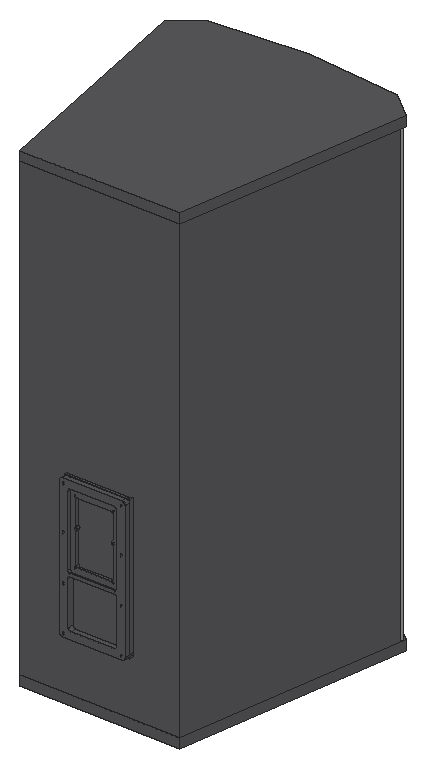
Revit family "EVC-1082-00", category Communication Devices, Revit 2017
Family settings
  Maintain Annotation Orientation = Yes
  Round Connector Dimension = Use Diameter
  Part Type = Normal
  OmniClass Number = 23.85.10.11.11.21
  OmniClass Title = Speakers
  Work Plane-Based = Yes
  Always vertical = Yes
  Cut with Voids When Loaded = No
  Shared = No
  Room Calculation Point = No
Parameters (values of type "EVC108200B_8"_Speaker_100x100_Black")
  Uniclass2015Code = "Pr_60_75_08_02"
  URL = ""
  ProductInformation = "https://www.electrovoice.com/binary/EVC-1082-00_8__speaker_100x100_Datasheet_51_en_27960168203.pdf"
  PlanningTools = "https://www.electrovoice.com/product.php?id=2668"
  ModelNumber = "F.01U.329.277"
  Model = ""
  MaterialRALColour = "RAL9004"
  ManufacturerURL = "https://www.electrovoice.com"
  Manufacturer = "Electro Voice"
  LoudspeakerMaterial = 13-plyWeather-resistantBirchEVCoat -RAL9004
  Default Elevation = 0.00 mm
  Width = 247.80 mm  # constant formula
  InstallationManual = "https://www.electrovoice.com/binary/EVC-1082-00_8__speaker_100x100_Datasheet_51_en_27960168203.pdf"
  IfcExportType = "IfcBuildingElementProxyType"
  IfcExportAs = "IfcBuildingElementProxy"
  Length = 492.20 mm  # constant formula
  GrillMaterial = 16GA Powder-coatedGalvanneal - B
  Disclaimer = "http://resource.boschsecurity.com/information/BIM/Disclaimer_Electrovoice.pdf"
  Description = "8-inch, two-way loudspeaker, with 100˚ x 100˚constant directivity, rotatable waveguide. Power rating: 200 W Continuous, (800 W Peak). Passive system: 91 dB, 120 dB maximum. Gland nut cover and stainless steel grille on PI versions. Optional high quality transformer and patented Automatic Saturation Control (ASC) preserve low end in 70V/100V lines."
  Depth = 276.70 mm  # constant formula
  CTN = "EVC108200B"
  ArchitectsAndEngineersSpecs = "https://www.electrovoice.com/binary/EVC-1082-00_8__speaker_100x100_Datasheet_51_en_27960168203.pdf"
Reference planes
  plane 1 "Center (Front/Back)": y = 0
  plane 2: z = 0
  plane 3 "Center (Left/Right)": x = 0
Forms (mm)
  Extrusion 1, solid, material "13-plyWeather-resistantBirchEVCoat -RAL9004" <- "LoudspeakerMaterial"
    sketch origin (0, 8.998, 0) x (1, 0, 0) y (0, 1, 0)
      loop
        line (-123.9, 237.7) -> (-81.987, 0) -> (81.987, 0) -> (123.9, 237.7) -> (97.088, 260.198)
        arc (97.088, 260.198) -> (0, 267.7) -> (-97.088, 260.198) r 631.958
        line (-97.088, 260.198) -> (-123.9, 237.7)
    from 0 to 10
  Extrusion 2, solid, material "13-plyWeather-resistantBirchEVCoat -RAL9004" <- "LoudspeakerMaterial"
    sketch origin (0, 8.998, 0) x (1, 0, 0) y (0, 1, 0)
      loop
        line (-81.987, 0) -> (81.987, 0) -> (122.794, 231.43) -> (-122.794, 231.43) -> (-81.987, 0)
    from 10 to 482.2
  Extrusion 3, solid, material "13-plyWeather-resistantBirchEVCoat -RAL9004" <- "LoudspeakerMaterial"
    sketch origin (0, 8.998, 482.2) x (0, -1, 0) y (1, 0, 0)
      loop
        line (-237.7, -123.9) -> (0, -81.987) -> (0, 81.987) -> (-237.7, 123.9) -> (-260.198, 97.088)
        arc (-260.198, 97.088) -> (-267.7, 0) -> (-260.198, -97.088) r 631.958
        line (-260.198, -97.088) -> (-237.7, -123.9)
    from 0 to 10
  Extrusion 4, solid, material "16GA Powder-coatedGalvanneal - B" <- "GrillMaterial"
    sketch origin (0, 8.998, 0) x (1, 0, 0) y (0, 1, 0)
      loop
        line (-120.256, 231.43) -> (-117.717, 231.43) -> (-118.475, 235.725) -> (-94.945, 255.469)
        arc (-94.945, 255.469) -> (0, 262.7) -> (94.945, 255.469) r 626.958
        line (94.945, 255.469) -> (118.475, 235.725) -> (117.717, 231.43) -> (120.256, 231.43) -> (121.187, 236.713) -> (96.016, 257.834)
        arc (96.016, 257.834) -> (0, 265.2) -> (-96.016, 257.834) r 629.458
        line (-96.016, 257.834) -> (-121.187, 236.713) -> (-120.256, 231.43)
    from 5 to 487.2
Dimensions and locks
  "Depth": nested 2 to Extrusion 3
  "Width": Extrusion 3 to Extrusion 3
  "Length": Extrusion 1 to Extrusion 3
  equal spacing: Extrusion 3, plane 3 "Center (Left/Right)", Extrusion 3, locked at 123.9 each
  aligned and locked: plane 2 to level
Automatic sketch dimensions
  Extrusion 1 sketch curve to plane 3 "Center (Left/Right)" = 0.00 mm
  Extrusion 1 sketch curve to plane 1 "Center (Front/Back)" = 8.998 mm
  Extrusion 1 sketch curve to plane 3 "Center (Left/Right)" = 81.987 mm
  Extrusion 1 sketch curve to plane 3 "Center (Left/Right)" = 97.088 mm
  Extrusion 1 sketch curve to Extrusion 1 sketch curve = 26.812 mm  (x2)
  plane 3 "Center (Left/Right)" to Extrusion 1 sketch curve = 81.987 mm
  plane 3 "Center (Left/Right)" to Extrusion 1 sketch curve = 97.088 mm
  plane 1 "Center (Front/Back)" to Extrusion 1 sketch curve = 355.261 mm
  Extrusion 1 sketch curve to Extrusion 1 sketch curve = 237.70 mm  (x2)
  Extrusion 1 sketch curve to Extrusion 1 sketch curve = 22.498 mm
  Extrusion 3 sketch curve to plane 3 "Center (Left/Right)" = 0.00 mm
  Extrusion 3 sketch curve to plane 1 "Center (Front/Back)" = 269.195 mm
  plane 3 "Center (Left/Right)" to Extrusion 3 sketch curve = 97.088 mm
  Extrusion 3 sketch curve to Extrusion 3 sketch curve = 0.00 mm
  Extrusion 3 sketch curve to Extrusion 3 sketch curve = 22.498 mm  (x2)
  Extrusion 3 sketch curve to plane 1 "Center (Front/Back)" = 8.998 mm
  plane 1 "Center (Front/Back)" to Extrusion 3 sketch curve = 355.261 mm
  Extrusion 3 sketch curve to Extrusion 3 sketch curve = 26.812 mm  (x2)
  Extrusion 3 sketch curve to plane 3 "Center (Left/Right)" = 81.987 mm
  plane 3 "Center (Left/Right)" to Extrusion 3 sketch curve = 81.987 mm
  Extrusion 4 sketch curve to Extrusion 4 sketch curve = 0.00 mm  (x3)
  Extrusion 4 sketch curve to plane 3 "Center (Left/Right)" = 0.00 mm
  Extrusion 4 sketch curve to plane 3 "Center (Left/Right)" = 94.945 mm
  Extrusion 4 sketch curve to Extrusion 4 sketch curve = 1.071 mm  (x2)
  Extrusion 4 sketch curve to Extrusion 4 sketch curve = 22.772 mm  (x2)
  Extrusion 4 sketch curve to Extrusion 4 sketch curve = 0.757 mm  (x2)
  Extrusion 4 sketch curve to Extrusion 4 sketch curve = 2.539 mm  (x2)
  Extrusion 4 sketch curve to Extrusion 4 sketch curve = 2.713 mm  (x2)
  plane 3 "Center (Left/Right)" to Extrusion 4 sketch curve = 94.945 mm
  plane 1 "Center (Front/Back)" to Extrusion 4 sketch curve = 355.261 mm
  Extrusion 4 sketch curve to plane 1 "Center (Front/Back)" = 240.427 mm
  Extrusion 4 sketch curve to Extrusion 4 sketch curve = 4.296 mm  (x2)
  Extrusion 4 sketch curve to Extrusion 4 sketch curve = 0.987 mm  (x2)
  Extrusion 4 sketch curve to Extrusion 4 sketch curve = 19.744 mm
  Extrusion 4 sketch curve to Extrusion 4 sketch curve = 2.365 mm
  Extrusion 2 sketch curve to plane 3 "Center (Left/Right)" = 122.794 mm
  Extrusion 2 sketch curve to plane 1 "Center (Front/Back)" = 8.998 mm
  Extrusion 2 sketch curve to plane 3 "Center (Left/Right)" = 81.987 mm
  plane 3 "Center (Left/Right)" to Extrusion 2 sketch curve = 81.987 mm
  Extrusion 2 sketch curve to Extrusion 2 sketch curve = 231.43 mm
  plane 3 "Center (Left/Right)" to Extrusion 2 sketch curve = 122.794 mm
Nested families
  nested 1: "L-EV" at (0, 274.197, 95) x (-1, 0, 0) z (0, 0, 1), type "L-EV"
  nested 2: "InputPanel_small" at (-33.614, 9.998, 140) x (0, 0, -1) z (1, 0, 0), LoudspeakerMaterial <- "LoudspeakerMaterial", type "InputPanel_small"
    with LoudspeakerMaterial 13-plyWeather-resistantBirchEVCoat -RAL9004
  nested 3: "2D_CabinetLoudspeaker" at (0, 0, 0) x (-1, 0, 0) z (0, 0, 1), type "LoudSpeaker"
    with Pan2D 0.00°
Connectors
  electrical at (-0.023, 2.498, 167.216)
    settings: on nested 2, index 1, voltage 0 V, apparent load 0 VA, apparent load phase1 0 VA, apparent load phase2 0 VA, apparent load phase3 0 VA, power factor 1, load classification "Other", number of poles 1, system type 31, power factor state 1, is connector primary yes, connector utility no, sub classification motor no, connector description ""
Definition of nested family "L-EV"
  Parameters (values of type "L-EV")
    Material = ""
    Default Elevation = 1219.20 mm
  Reference planes
    plane 1 "Center (Front/Back)": y = 0
    plane 2: z = 0
    plane 3 "Center (Left/Right)": x = 0
  Forms (mm)
    Extrusion 1, solid, not visible
      sketch origin (18.736, -0.5, -73.012) x (1, 0, 0) y (0, 0, 1)
        loop
          arc (-38.866, 94.012) -> (-39.481, 93.758) -> (-39.736, 93.143) r 0.869
          line (-39.736, 93.143) -> (-39.736, 52.882)
          arc (-39.736, 52.882) -> (-39.481, 52.267) -> (-38.866, 52.012) r 0.869
          line (-38.866, 52.012) -> (1.395, 52.012)
          arc (1.395, 52.012) -> (2.01, 52.267) -> (2.264, 52.882) r 0.869
          line (2.264, 52.882) -> (2.264, 93.143)
          arc (2.264, 93.143) -> (2.01, 93.758) -> (1.395, 94.012) r 0.869
          line (1.395, 94.012) -> (-38.866, 94.012)
      from 0 to -0.5
    Extrusion 2, solid, detail levels fine
      sketch origin (18.736, 4, -73.24) x (1, 0, 0) y (0, 0, 1)
        loop
          line (-37.736, 92.24) -> (-37.736, 54.24) -> (0.264, 54.24) -> (0.264, 92.24) -> (-37.736, 92.24)
        loop
          line (-33.659, 85.319) -> (-33.659, 66.596) -> (-21.783, 66.596) -> (-21.783, 70.665) -> (-29.2, 70.665) -> (-29.2, 73.924) -> (-21.783, 73.924) -> (-21.783, 77.992) -> (-29.2, 77.992) -> (-29.2, 81.251) -> (-21.783, 81.251) -> (-21.783, 85.319) -> (-33.659, 85.319)
        loop
          line (-20.026, 77.992) -> (-20.026, 73.924) -> (-17.153, 73.924) -> (-17.153, 59.688) -> (-12.74, 59.688) -> (-2.619, 82.277) -> (-7.421, 82.277) -> (-12.694, 70.408) -> (-12.694, 77.992) -> (-20.026, 77.992)
      from 4.5 to 5
    Extrusion 3, solid, detail levels medium+fine
      sketch origin (0, 0, 0) x (1, 0, 0) y (0, 0, 1)
        loop
          line (19.816, 21) -> (-19.816, 21)
          arc (-19.816, 21) -> (-20.653, 20.653) -> (-21, 19.816) r 1.184
          line (-21, 19.816) -> (-21, -19.816)
          arc (-21, -19.816) -> (-20.653, -20.653) -> (-19.816, -21) r 1.184
          line (-19.816, -21) -> (19.816, -21)
          arc (19.816, -21) -> (20.653, -20.653) -> (21, -19.816) r 1.184
          line (21, -19.816) -> (21, 19.816)
          arc (21, 19.816) -> (20.653, 20.653) -> (19.816, 21) r 1.184
      from -1 to 0.5
Definition of nested family "InputPanel_small"
  Parameters (values of type "InputPanel_small")
    Material = ""
    LoudspeakerMaterial [instance] = none
    Default Elevation = 1219.20 mm
  Reference planes
    plane 1 "Center (Front/Back)": y = 0
    plane 2: z = 0
    plane 3 "Center (Left/Right)": x = 0
  Forms (mm)
    Extrusion 1, solid, material <- "LoudspeakerMaterial", not visible
      sketch origin (-97.521, -0.5, 198.121) x (-1, 0, 0) y (0, 0, -1)
        loop
          arc (-169.642, 198.043) -> (-170.257, 197.789) -> (-170.511, 197.174) r 0.869
          line (-170.511, 197.174) -> (-170.511, 131.84)
          arc (-170.511, 131.84) -> (-170.257, 131.226) -> (-169.642, 130.971) r 0.869
          line (-169.642, 130.971) -> (-25.396, 130.971)
          arc (-25.396, 130.971) -> (-24.782, 131.226) -> (-24.527, 131.84) r 0.869
          line (-24.527, 131.84) -> (-24.527, 197.174)
          arc (-24.527, 197.174) -> (-24.782, 197.789) -> (-25.396, 198.043) r 0.869
          line (-25.396, 198.043) -> (-169.642, 198.043)
      from 0 to -0.5
    Extrusion 2, solid, material <- "LoudspeakerMaterial", detail levels medium+fine
      sketch origin (1.214, 0, 125.108) x (-1, 0, 0) y (0, 0, -1)
        loop
          line (70.917, 125.031) -> (-68.488, 125.031)
          arc (-68.488, 125.031) -> (-70.813, 124.068) -> (-71.776, 121.743) r 3.288
          line (-71.776, 121.743) -> (-71.776, 61.229)
          arc (-71.776, 61.229) -> (-70.921, 59.026) -> (-68.815, 57.959) r 3.288
          line (-68.815, 57.959) -> (70.925, 57.959)
          arc (70.925, 57.959) -> (73.25, 58.922) -> (74.212, 61.247) r 3.288
          line (74.212, 61.247) -> (74.205, 121.743)
          arc (74.205, 121.743) -> (73.242, 124.068) -> (70.917, 125.031) r 3.288
        loop
          line (-16.102, 116.673) -> (-61.46, 116.673)
          arc (-61.46, 116.673) -> (-63.304, 115.909) -> (-64.067, 114.066) r 2.607
          line (-64.067, 114.066) -> (-64.067, 69.267)
          arc (-64.067, 69.267) -> (-63.304, 67.424) -> (-61.46, 66.66) r 2.607
          line (-61.46, 66.66) -> (-16.102, 66.658)
          arc (-16.102, 66.658) -> (-14.259, 67.424) -> (-13.495, 69.267) r 2.607
          line (-13.495, 69.267) -> (-13.495, 114.066)
          arc (-13.495, 114.066) -> (-14.259, 115.909) -> (-16.102, 116.673) r 2.607
        loop
          line (64.151, 116.673) -> (-8.801, 116.673)
          arc (-8.801, 116.673) -> (-10.645, 115.909) -> (-11.408, 114.066) r 2.607
          line (-11.408, 114.066) -> (-11.408, 69.267)
          arc (-11.408, 69.267) -> (-10.645, 67.424) -> (-8.801, 66.66) r 2.607
          line (-8.801, 66.66) -> (64.151, 66.658)
          arc (64.151, 66.658) -> (65.994, 67.424) -> (66.758, 69.267) r 2.607
          line (66.758, 69.267) -> (66.758, 114.066)
          arc (66.758, 114.066) -> (65.994, 115.909) -> (64.151, 116.673) r 2.607
        loop
          circle (-67.83, 121.068) r 1.368
        loop
          circle (-21.853, 121.068) r 1.368
        loop
          circle (24.255, 121.068) r 1.368
        loop
          circle (69.993, 121.068) r 1.368
        loop
          circle (-67.961, 61.771) r 1.368
        loop
          circle (-21.984, 61.771) r 1.368
        loop
          circle (24.124, 61.771) r 1.368
        loop
          circle (69.862, 61.771) r 1.368
      from 0 to 10
    Extrusion 3, solid, material <- "LoudspeakerMaterial", detail levels fine
      sketch origin (25.655, 0, 118.331) x (-1, 0, 0) y (0, 0, -1)
        loop
          arc (15.45, 109.952) -> (13.605, 109.187) -> (12.84, 107.342) r 2.61
          line (12.84, 107.342) -> (12.84, 62.493)
          arc (12.84, 62.493) -> (13.606, 60.646) -> (15.45, 59.881) r 2.61
          line (15.45, 59.881) -> (88.485, 59.883)
          arc (88.485, 59.883) -> (90.33, 60.647) -> (91.094, 62.493) r 2.61
          line (91.094, 62.493) -> (91.094, 107.342)
          arc (91.094, 107.342) -> (90.33, 109.187) -> (88.485, 109.952) r 2.61
          line (88.485, 109.952) -> (15.45, 109.952)
        loop
          line (53.049, 104.094) -> (20.673, 104.09)
          arc (20.673, 104.09) -> (20.25, 103.216) -> (19.475, 102.633) r 2.061
          line (19.475, 102.633) -> (19.479, 66.839)
          arc (19.479, 66.839) -> (20.255, 66.255) -> (20.677, 65.382) r 2.061
          line (20.677, 65.382) -> (53.053, 65.386)
          arc (53.053, 65.386) -> (55.067, 67.012) -> (57.082, 65.386) r 2.061
          line (57.082, 65.386) -> (82.875, 65.389)
          arc (82.875, 65.389) -> (83.297, 66.263) -> (84.073, 66.847) r 2.061
          line (84.073, 66.847) -> (84.068, 102.641)
          arc (84.068, 102.641) -> (83.293, 103.224) -> (82.87, 104.098) r 2.061
          line (82.87, 104.098) -> (57.077, 104.095)
          arc (57.077, 104.095) -> (55.063, 102.469) -> (53.049, 104.094) r 2.061
        loop
          circle (55.063, 104.529) r 0.832
        loop
          circle (55.063, 64.893) r 0.832
        loop
          circle (84.767, 104.529) r 0.832
        loop
          circle (84.767, 64.893) r 0.832
        loop
          circle (18.835, 104.529) r 0.832
        loop
          circle (18.835, 64.893) r 0.832
      from 7.5 to 5
    Extrusion 4, solid, material <- "LoudspeakerMaterial"
      sketch origin (1.214, 0, 125.108) x (-1, 0, 0) y (0, 0, -1)
        loop
          line (-71.776, 125.031) -> (-71.776, 57.959) -> (74.213, 57.959) -> (74.205, 125.031) -> (-71.776, 125.031)
      from 0 to 4.337
  Lines and regions (mm)
    model lines, not visible
      curve 1: arc (59.415, -9.5, 70.232) -> (59.756, -9.5, 68.636) -> (60.858, -9.5, 67.432) r 3.109
      curve 2: arc (59.414, -9.5, 82.845) -> (59.754, -9.5, 81.249) -> (60.857, -9.5, 80.045) r 3.109
      curve 3: arc (59.417, -9.5, 63.926) -> (59.752, -9.5, 62.34) -> (60.84, -9.5, 61.139) r 3.108
      curve 4: arc (59.415, -9.5, 76.539) -> (59.75, -9.5, 74.953) -> (60.838, -9.5, 73.752) r 3.108
      curve 5: arc (60.711, -9.5, 72.945) -> (59.72, -9.5, 71.753) -> (59.414, -9.5, 70.232) r 3.166
      curve 6: arc (60.71, -9.5, 85.557) -> (59.718, -9.5, 84.365) -> (59.412, -9.5, 82.845) r 3.166
      curve 7: arc (60.712, -9.5, 66.637) -> (59.721, -9.5, 65.445) -> (59.415, -9.5, 63.926) r 3.165
      curve 8: arc (60.71, -9.5, 79.25) -> (59.72, -9.5, 78.058) -> (59.414, -9.5, 76.539) r 3.165
      curve 9: arc (59.062, -9.5, 76.539) -> (58.721, -9.5, 78.135) -> (57.618, -9.5, 79.339) r 3.109
      curve 10: arc (59.063, -9.5, 63.926) -> (58.723, -9.5, 65.522) -> (57.62, -9.5, 66.726) r 3.109
      curve 11: arc (59.06, -9.5, 82.845) -> (58.725, -9.5, 84.431) -> (57.637, -9.5, 85.632) r 3.108
      curve 12: arc (59.062, -9.5, 70.232) -> (58.726, -9.5, 71.818) -> (57.638, -9.5, 73.019) r 3.108
      curve 13: arc (57.765, -9.5, 73.826) -> (58.757, -9.5, 75.018) -> (59.063, -9.5, 76.539) r 3.166
      curve 14: arc (57.767, -9.5, 61.214) -> (58.758, -9.5, 62.406) -> (59.065, -9.5, 63.926) r 3.166
      curve 15: arc (57.765, -9.5, 80.134) -> (58.756, -9.5, 81.326) -> (59.062, -9.5, 82.845) r 3.165
      curve 16: arc (57.767, -9.5, 67.521) -> (58.757, -9.5, 68.713) -> (59.063, -9.5, 70.232) r 3.165
      curve 17: arc (62.678, -9.5, 67.687) -> (63.752, -9.5, 68.757) -> (64.103, -9.5, 70.233) r 2.775
      curve 18: arc (63.369, -9.5, 67.367) -> (64.444, -9.5, 68.62) -> (64.794, -9.5, 70.233) r 3.371
      curve 19: arc (62.678, -9.5, 67.687) -> (62.999, -9.5, 67.474) -> (63.369, -9.5, 67.367) r 1.273
      curve 20: arc (62.676, -9.5, 80.299) -> (63.75, -9.5, 81.37) -> (64.101, -9.5, 82.846) r 2.775
      curve 21: arc (63.368, -9.5, 79.98) -> (64.442, -9.5, 81.233) -> (64.793, -9.5, 82.846) r 3.371
      curve 22: arc (62.676, -9.5, 80.299) -> (62.998, -9.5, 80.087) -> (63.368, -9.5, 79.98) r 1.273
      curve 23: arc (62.679, -9.5, 61.381) -> (63.752, -9.5, 62.452) -> (64.103, -9.5, 63.927) r 2.774
      curve 24: arc (63.37, -9.5, 61.062) -> (64.444, -9.5, 62.315) -> (64.794, -9.5, 63.927) r 3.37
      curve 25: arc (62.679, -9.5, 61.381) -> (63, -9.5, 61.169) -> (63.37, -9.5, 61.062) r 1.273
      curve 26: arc (62.677, -9.5, 73.994) -> (63.751, -9.5, 75.064) -> (64.101, -9.5, 76.539) r 2.774
      curve 27: arc (63.369, -9.5, 73.675) -> (64.442, -9.5, 74.927) -> (64.793, -9.5, 76.539) r 3.37
      curve 28: arc (62.677, -9.5, 73.994) -> (62.998, -9.5, 73.781) -> (63.369, -9.5, 73.675) r 1.273
      curve 29: arc (64.103, -9.5, 70.233) -> (63.752, -9.5, 71.708) -> (62.677, -9.5, 72.779) r 2.775
      curve 30: arc (63.369, -9.5, 73.098) -> (62.999, -9.5, 72.992) -> (62.677, -9.5, 72.779) r 1.273
      curve 31: arc (64.794, -9.5, 70.233) -> (64.443, -9.5, 71.846) -> (63.369, -9.5, 73.098) r 3.371
      curve 32: arc (64.101, -9.5, 82.846) -> (63.75, -9.5, 84.321) -> (62.676, -9.5, 85.392) r 2.775
      curve 33: arc (63.367, -9.5, 85.711) -> (62.997, -9.5, 85.604) -> (62.676, -9.5, 85.392) r 1.273
      curve 34: arc (64.793, -9.5, 82.846) -> (64.442, -9.5, 84.458) -> (63.367, -9.5, 85.711) r 3.371
      curve 35: arc (64.103, -9.5, 63.927) -> (63.752, -9.5, 65.401) -> (62.678, -9.5, 66.472) r 2.774
      curve 36: arc (63.37, -9.5, 66.791) -> (62.999, -9.5, 66.684) -> (62.678, -9.5, 66.472) r 1.273
      curve 37: arc (64.794, -9.5, 63.927) -> (64.444, -9.5, 65.539) -> (63.37, -9.5, 66.791) r 3.37
      curve 38: arc (64.101, -9.5, 76.539) -> (63.75, -9.5, 78.014) -> (62.676, -9.5, 79.084) r 2.774
      curve 39: arc (63.368, -9.5, 79.404) -> (62.998, -9.5, 79.297) -> (62.676, -9.5, 79.084) r 1.273
      curve 40: arc (64.793, -9.5, 76.539) -> (64.442, -9.5, 78.151) -> (63.368, -9.5, 79.404) r 3.37
      curve 41: arc (59.627, -9.5, 63.926) -> (59.978, -9.5, 62.451) -> (61.052, -9.5, 61.381) r 2.774
      curve 42: arc (61.051, -9.5, 66.471) -> (59.977, -9.5, 65.401) -> (59.627, -9.5, 63.926) r 2.774
      curve 43: arc (59.625, -9.5, 70.232) -> (59.976, -9.5, 68.757) -> (61.051, -9.5, 67.686) r 2.775
      curve 44: arc (61.05, -9.5, 72.779) -> (59.976, -9.5, 71.708) -> (59.625, -9.5, 70.232) r 2.775
      curve 45: arc (59.625, -9.5, 76.539) -> (59.976, -9.5, 75.064) -> (61.05, -9.5, 73.994) r 2.774
      curve 46: arc (61.049, -9.5, 79.084) -> (59.976, -9.5, 78.014) -> (59.625, -9.5, 76.539) r 2.774
      curve 47: arc (59.624, -9.5, 82.845) -> (59.975, -9.5, 81.37) -> (61.049, -9.5, 80.299) r 2.775
      curve 48: arc (61.049, -9.5, 85.391) -> (59.975, -9.5, 84.321) -> (59.624, -9.5, 82.845) r 2.775
      curve 49: arc (65.487, -9.5, 67.368) -> (66.537, -9.5, 68.57) -> (66.91, -9.5, 70.123) r 3.348
      curve 50: arc (65.485, -9.5, 79.98) -> (66.535, -9.5, 81.183) -> (66.909, -9.5, 82.735) r 3.348
      curve 51: arc (66.91, -9.5, 70.344) -> (66.536, -9.5, 71.896) -> (65.486, -9.5, 73.099) r 3.348
      curve 52: arc (66.909, -9.5, 82.956) -> (66.535, -9.5, 84.509) -> (65.485, -9.5, 85.711) r 3.348
      curve 53: arc (65.488, -9.5, 61.062) -> (66.543, -9.5, 62.278) -> (66.911, -9.5, 63.846) r 3.353
      curve 54: arc (65.486, -9.5, 73.675) -> (66.542, -9.5, 74.891) -> (66.909, -9.5, 76.458) r 3.353
      curve 55: arc (66.911, -9.5, 64.008) -> (66.543, -9.5, 65.576) -> (65.487, -9.5, 66.791) r 3.353
      curve 56: arc (66.909, -9.5, 76.621) -> (66.542, -9.5, 78.189) -> (65.485, -9.5, 79.404) r 3.353
      curve 57: arc (61.368, -9.5, 70.233) -> (61.701, -9.5, 68.86) -> (62.728, -9.5, 67.892) r 2.482
      curve 58: arc (61.369, -9.5, 63.926) -> (61.702, -9.5, 62.554) -> (62.729, -9.5, 61.585) r 2.482
      curve 59: arc (61.777, -9.5, 65.419) -> (61.47, -9.5, 64.701) -> (61.369, -9.5, 63.926) r 2.857
      curve 60: arc (62.453, -9.5, 65.577) -> (62.398, -9.5, 65.499) -> (62.347, -9.5, 65.419) r 2.446
      curve 61: arc (61.777, -9.5, 71.725) -> (61.469, -9.5, 71.007) -> (61.368, -9.5, 70.233) r 2.857
      curve 62: arc (62.452, -9.5, 71.883) -> (62.398, -9.5, 71.805) -> (62.346, -9.5, 71.725) r 2.446
      curve 63: arc (61.367, -9.5, 76.539) -> (61.7, -9.5, 75.167) -> (62.727, -9.5, 74.198) r 2.482
      curve 64: arc (61.367, -9.5, 82.845) -> (61.699, -9.5, 81.473) -> (62.727, -9.5, 80.504) r 2.482
      curve 65: arc (61.776, -9.5, 78.031) -> (61.469, -9.5, 77.313) -> (61.367, -9.5, 76.539) r 2.857
      curve 66: arc (62.452, -9.5, 78.19) -> (62.397, -9.5, 78.112) -> (62.345, -9.5, 78.032) r 2.446
      curve 67: arc (61.775, -9.5, 84.338) -> (61.468, -9.5, 83.62) -> (61.367, -9.5, 82.845) r 2.857
      curve 68: arc (62.451, -9.5, 84.496) -> (62.396, -9.5, 84.418) -> (62.345, -9.5, 84.338) r 2.446
      curve 69: arc (55.799, -9.5, 79.084) -> (54.725, -9.5, 78.014) -> (54.374, -9.5, 76.538) r 2.775
      curve 70: arc (55.107, -9.5, 79.404) -> (54.033, -9.5, 78.151) -> (53.682, -9.5, 76.538) r 3.371
      curve 71: arc (55.799, -9.5, 79.084) -> (55.478, -9.5, 79.297) -> (55.107, -9.5, 79.404) r 1.273
      curve 72: arc (55.8, -9.5, 66.472) -> (54.726, -9.5, 65.401) -> (54.376, -9.5, 63.925) r 2.775
      curve 73: arc (55.109, -9.5, 66.791) -> (54.035, -9.5, 65.538) -> (53.684, -9.5, 63.925) r 3.371
      curve 74: arc (55.8, -9.5, 66.472) -> (55.479, -9.5, 66.684) -> (55.109, -9.5, 66.791) r 1.273
      curve 75: arc (55.798, -9.5, 85.39) -> (54.725, -9.5, 84.319) -> (54.374, -9.5, 82.844) r 2.774
      curve 76: arc (55.107, -9.5, 85.709) -> (54.033, -9.5, 84.456) -> (53.682, -9.5, 82.844) r 3.37
      curve 77: arc (55.798, -9.5, 85.39) -> (55.477, -9.5, 85.602) -> (55.107, -9.5, 85.709) r 1.273
      curve 78: arc (55.8, -9.5, 72.777) -> (54.726, -9.5, 71.707) -> (54.376, -9.5, 70.232) r 2.774
      curve 79: arc (55.108, -9.5, 73.096) -> (54.034, -9.5, 71.844) -> (53.684, -9.5, 70.232) r 3.37
      curve 80: arc (55.8, -9.5, 72.777) -> (55.478, -9.5, 72.99) -> (55.108, -9.5, 73.096) r 1.273
      curve 81: arc (54.374, -9.5, 76.538) -> (54.725, -9.5, 75.063) -> (55.8, -9.5, 73.992) r 2.775
      curve 82: arc (55.108, -9.5, 73.673) -> (55.478, -9.5, 73.779) -> (55.8, -9.5, 73.992) r 1.273
      curve 83: arc (53.682, -9.5, 76.538) -> (54.033, -9.5, 74.925) -> (55.108, -9.5, 73.673) r 3.371
      curve 84: arc (54.376, -9.5, 63.925) -> (54.727, -9.5, 62.45) -> (55.801, -9.5, 61.379) r 2.775
      curve 85: arc (55.11, -9.5, 61.06) -> (55.48, -9.5, 61.167) -> (55.801, -9.5, 61.379) r 1.273
      curve 86: arc (53.684, -9.5, 63.925) -> (54.035, -9.5, 62.313) -> (55.11, -9.5, 61.06) r 3.371
      curve 87: arc (54.374, -9.5, 82.844) -> (54.725, -9.5, 81.369) -> (55.799, -9.5, 80.299) r 2.774
      curve 88: arc (55.107, -9.5, 79.98) -> (55.477, -9.5, 80.087) -> (55.799, -9.5, 80.299) r 1.273
      curve 89: arc (53.682, -9.5, 82.844) -> (54.033, -9.5, 81.232) -> (55.107, -9.5, 79.98) r 3.37
      curve 90: arc (54.376, -9.5, 70.232) -> (54.726, -9.5, 68.757) -> (55.8, -9.5, 67.687) r 2.774
      curve 91: arc (55.109, -9.5, 67.367) -> (55.479, -9.5, 67.474) -> (55.8, -9.5, 67.687) r 1.273
      curve 92: arc (53.684, -9.5, 70.232) -> (54.035, -9.5, 68.62) -> (55.109, -9.5, 67.367) r 3.37
      curve 93: arc (58.85, -9.5, 82.845) -> (58.499, -9.5, 84.32) -> (57.425, -9.5, 85.39) r 2.774
      curve 94: arc (57.426, -9.5, 80.3) -> (58.499, -9.5, 81.37) -> (58.85, -9.5, 82.845) r 2.774
      curve 95: arc (58.851, -9.5, 76.539) -> (58.5, -9.5, 78.014) -> (57.426, -9.5, 79.085) r 2.775
      curve 96: arc (57.427, -9.5, 73.992) -> (58.501, -9.5, 75.063) -> (58.851, -9.5, 76.539) r 2.775
      curve 97: arc (58.852, -9.5, 70.232) -> (58.501, -9.5, 71.707) -> (57.427, -9.5, 72.777) r 2.774
      curve 98: arc (57.427, -9.5, 67.687) -> (58.501, -9.5, 68.757) -> (58.852, -9.5, 70.232) r 2.774
      curve 99: arc (58.853, -9.5, 63.926) -> (58.502, -9.5, 65.401) -> (57.428, -9.5, 66.472) r 2.775
      curve 100: arc (57.428, -9.5, 61.38) -> (58.502, -9.5, 62.45) -> (58.853, -9.5, 63.926) r 2.775
      curve 101: arc (52.99, -9.5, 79.403) -> (51.94, -9.5, 78.2) -> (51.567, -9.5, 76.648) r 3.348
      curve 102: arc (52.991, -9.5, 66.791) -> (51.942, -9.5, 65.588) -> (51.568, -9.5, 64.036) r 3.348
      curve 103: arc (51.567, -9.5, 76.427) -> (51.94, -9.5, 74.875) -> (52.991, -9.5, 73.672) r 3.348
      curve 104: arc (51.568, -9.5, 63.815) -> (51.942, -9.5, 62.262) -> (52.992, -9.5, 61.06) r 3.348
      curve 105: arc (52.989, -9.5, 85.709) -> (51.933, -9.5, 84.493) -> (51.566, -9.5, 82.925) r 3.353
      curve 106: arc (52.991, -9.5, 73.096) -> (51.935, -9.5, 71.88) -> (51.567, -9.5, 70.313) r 3.353
      curve 107: arc (51.566, -9.5, 82.763) -> (51.934, -9.5, 81.195) -> (52.99, -9.5, 79.98) r 3.353
      curve 108: arc (51.567, -9.5, 70.15) -> (51.935, -9.5, 68.582) -> (52.991, -9.5, 67.367) r 3.353
      curve 109: arc (57.108, -9.5, 82.845) -> (56.775, -9.5, 84.217) -> (55.748, -9.5, 85.186) r 2.482
      curve 110: arc (57.109, -9.5, 76.538) -> (56.776, -9.5, 77.911) -> (55.749, -9.5, 78.879) r 2.482
      curve 111: arc (56.7, -9.5, 75.046) -> (57.007, -9.5, 75.764) -> (57.109, -9.5, 76.538) r 2.857
      curve 112: arc (56.024, -9.5, 74.888) -> (56.079, -9.5, 74.966) -> (56.131, -9.5, 75.046) r 2.446
      curve 113: arc (56.699, -9.5, 81.352) -> (57.007, -9.5, 82.07) -> (57.108, -9.5, 82.845) r 2.857
      curve 114: arc (56.024, -9.5, 81.194) -> (56.078, -9.5, 81.272) -> (56.13, -9.5, 81.352) r 2.446
      curve 115: arc (57.109, -9.5, 70.232) -> (56.777, -9.5, 71.604) -> (55.749, -9.5, 72.573) r 2.482
      curve 116: arc (57.11, -9.5, 63.926) -> (56.777, -9.5, 65.298) -> (55.75, -9.5, 66.267) r 2.482
      curve 117: arc (56.702, -9.5, 62.433) -> (57.009, -9.5, 63.151) -> (57.11, -9.5, 63.926) r 2.857
      curve 118: arc (56.026, -9.5, 62.275) -> (56.081, -9.5, 62.353) -> (56.132, -9.5, 62.433) r 2.446
      curve 119: arc (56.701, -9.5, 68.739) -> (57.008, -9.5, 69.458) -> (57.109, -9.5, 70.232) r 2.857
      curve 120: arc (56.025, -9.5, 68.581) -> (56.08, -9.5, 68.659) -> (56.131, -9.5, 68.739) r 2.446
      curve 121: spline (77.962, -9.5, 59.963) -> (78.093, -9.5, 59.972) -> (78.223, -9.5, 59.998) -> (78.348, -9.5, 60.04) -> (78.466, -9.5, 60.099) -> (78.576, -9.5, 60.172) -> (78.675, -9.5, 60.259) -> (78.762, -9.5, 60.358) -> (78.835, -9.5, 60.468) -> (78.894, -9.5, 60.586) -> (78.936, -9.5, 60.711) -> (78.962, -9.5, 60.841) -> (78.97, -9.5, 60.972)
      curve 122: spline (78.967, -9.5, 85.803) -> (78.959, -9.5, 85.935) -> (78.933, -9.5, 86.065) -> (78.891, -9.5, 86.19) -> (78.832, -9.5, 86.308) -> (78.759, -9.5, 86.418) -> (78.672, -9.5, 86.517) -> (78.573, -9.5, 86.604) -> (78.463, -9.5, 86.677) -> (78.344, -9.5, 86.735) -> (78.22, -9.5, 86.778) -> (78.09, -9.5, 86.804) -> (77.958, -9.5, 86.812)
      curve 123: spline (40.515, -9.5, 86.808) -> (40.383, -9.5, 86.799) -> (40.254, -9.5, 86.773) -> (40.129, -9.5, 86.731) -> (40.01, -9.5, 86.672) -> (39.901, -9.5, 86.599) -> (39.801, -9.5, 86.512) -> (39.714, -9.5, 86.413) -> (39.641, -9.5, 86.303) -> (39.583, -9.5, 86.185) -> (39.54, -9.5, 86.06) -> (39.515, -9.5, 85.93) -> (39.506, -9.5, 85.799)
      curve 124: spline (39.509, -9.5, 60.97) -> (39.517, -9.5, 60.838) -> (39.543, -9.5, 60.708) -> (39.585, -9.5, 60.583) -> (39.643, -9.5, 60.464) -> (39.717, -9.5, 60.354) -> (39.804, -9.5, 60.255) -> (39.903, -9.5, 60.168) -> (40.013, -9.5, 60.094) -> (40.131, -9.5, 60.036) -> (40.256, -9.5, 59.993) -> (40.386, -9.5, 59.967) -> (40.518, -9.5, 59.959)
      curve 125: spline (40.57, -9.5, 86.753) -> (40.438, -9.5, 86.744) -> (40.309, -9.5, 86.718) -> (40.184, -9.5, 86.676) -> (40.065, -9.5, 86.617) -> (39.956, -9.5, 86.544) -> (39.856, -9.5, 86.457) -> (39.769, -9.5, 86.358) -> (39.696, -9.5, 86.248) -> (39.638, -9.5, 86.13) -> (39.595, -9.5, 86.005) -> (39.57, -9.5, 85.875) -> (39.561, -9.5, 85.744)
      curve 126: spline (39.564, -9.5, 61.023) -> (39.573, -9.5, 60.891) -> (39.598, -9.5, 60.761) -> (39.641, -9.5, 60.636) -> (39.699, -9.5, 60.518) -> (39.773, -9.5, 60.408) -> (39.86, -9.5, 60.309) -> (39.959, -9.5, 60.222) -> (40.069, -9.5, 60.149) -> (40.187, -9.5, 60.091) -> (40.312, -9.5, 60.048) -> (40.441, -9.5, 60.022) -> (40.573, -9.5, 60.014)
      curve 127: spline (78.912, -9.5, 85.748) -> (78.904, -9.5, 85.88) -> (78.878, -9.5, 86.01) -> (78.835, -9.5, 86.134) -> (78.777, -9.5, 86.253) -> (78.704, -9.5, 86.363) -> (78.617, -9.5, 86.462) -> (78.518, -9.5, 86.549) -> (78.408, -9.5, 86.622) -> (78.289, -9.5, 86.68) -> (78.164, -9.5, 86.723) -> (78.035, -9.5, 86.749) -> (77.903, -9.5, 86.757)
      curve 128: spline (77.907, -9.5, 60.018) -> (78.038, -9.5, 60.027) -> (78.168, -9.5, 60.053) -> (78.293, -9.5, 60.095) -> (78.411, -9.5, 60.154) -> (78.521, -9.5, 60.227) -> (78.62, -9.5, 60.314) -> (78.707, -9.5, 60.413) -> (78.78, -9.5, 60.523) -> (78.839, -9.5, 60.641) -> (78.881, -9.5, 60.766) -> (78.907, -9.5, 60.896) -> (78.915, -9.5, 61.027)
      curve 129: line (63.979, -9.5, 70.233) -> (63.818, -9.5, 71.221)
      curve 130: line (63.818, -9.5, 71.221) -> (63.359, -9.5, 72.059)
      curve 131: line (63.359, -9.5, 72.059) -> (62.673, -9.5, 72.618)
      curve 132: line (62.673, -9.5, 72.618) -> (61.864, -9.5, 72.815)
      curve 133: line (61.864, -9.5, 72.815) -> (61.054, -9.5, 72.618)
      curve 134: line (61.054, -9.5, 72.618) -> (60.368, -9.5, 72.058)
      curve 135: line (60.368, -9.5, 72.058) -> (59.91, -9.5, 71.221)
      curve 136: line (59.91, -9.5, 71.221) -> (59.749, -9.5, 70.232)
      curve 137: line (59.749, -9.5, 70.232) -> (59.91, -9.5, 69.244)
      curve 138: line (59.91, -9.5, 69.244) -> (60.369, -9.5, 68.407)
      curve 139: line (60.369, -9.5, 68.407) -> (61.055, -9.5, 67.847)
      curve 140: line (61.055, -9.5, 67.847) -> (61.864, -9.5, 67.651)
      curve 141: line (61.864, -9.5, 67.651) -> (62.674, -9.5, 67.847)
      curve 142: line (62.674, -9.5, 67.847) -> (63.36, -9.5, 68.407)
      curve 143: line (63.36, -9.5, 68.407) -> (63.815, -9.5, 69.238)
      curve 144: line (63.818, -9.5, 69.245) -> (64.103, -9.5, 70.233)
      curve 145: line (64.103, -9.5, 70.233) -> (64.794, -9.5, 70.233)
      curve 146: line (64.794, -9.5, 70.233) -> (66.912, -9.5, 70.233)
      curve 147: line (66.912, -9.5, 70.233) -> (66.911, -9.5, 64.008)
      curve 148: line (63.978, -9.5, 82.846) -> (63.817, -9.5, 83.834)
      curve 149: line (63.817, -9.5, 83.834) -> (63.358, -9.5, 84.671)
      curve 150: line (63.358, -9.5, 84.671) -> (62.672, -9.5, 85.231)
      curve 151: line (62.672, -9.5, 85.231) -> (61.862, -9.5, 85.427)
      curve 152: line (61.862, -9.5, 85.427) -> (61.053, -9.5, 85.231)
      curve 153: line (61.053, -9.5, 85.231) -> (60.367, -9.5, 84.671)
      curve 154: line (60.367, -9.5, 84.671) -> (59.908, -9.5, 83.833)
      curve 155: line (59.908, -9.5, 83.833) -> (59.747, -9.5, 82.845)
      curve 156: line (59.747, -9.5, 82.845) -> (59.908, -9.5, 81.857)
      curve 157: line (59.908, -9.5, 81.857) -> (60.367, -9.5, 81.019)
      curve 158: line (60.367, -9.5, 81.019) -> (61.053, -9.5, 80.46)
      curve 159: line (61.053, -9.5, 80.46) -> (61.863, -9.5, 80.263)
      curve 160: line (61.863, -9.5, 80.263) -> (62.672, -9.5, 80.46)
      curve 161: line (62.672, -9.5, 80.46) -> (63.358, -9.5, 81.02)
      curve 162: line (63.358, -9.5, 81.02) -> (63.813, -9.5, 81.851)
      curve 163: line (63.817, -9.5, 81.857) -> (64.101, -9.5, 82.846)
      curve 164: line (64.101, -9.5, 82.846) -> (64.793, -9.5, 82.846)
      curve 165: line (64.793, -9.5, 82.846) -> (66.91, -9.5, 82.846)
      curve 166: line (66.91, -9.5, 82.846) -> (66.909, -9.5, 76.621)
      curve 167: line (63.98, -9.5, 63.927) -> (63.819, -9.5, 64.915)
      curve 168: line (63.819, -9.5, 64.915) -> (63.36, -9.5, 65.752)
      curve 169: line (63.36, -9.5, 65.752) -> (62.674, -9.5, 66.312)
      curve 170: line (62.674, -9.5, 66.312) -> (61.864, -9.5, 66.508)
      curve 171: line (61.864, -9.5, 66.508) -> (61.055, -9.5, 66.312)
      curve 172: line (61.055, -9.5, 66.312) -> (60.369, -9.5, 65.752)
      curve 173: line (60.369, -9.5, 65.752) -> (59.911, -9.5, 64.914)
      curve 174: line (59.911, -9.5, 64.914) -> (59.75, -9.5, 63.926)
      curve 175: line (59.75, -9.5, 63.926) -> (59.911, -9.5, 62.938)
      curve 176: line (59.911, -9.5, 62.938) -> (60.369, -9.5, 62.1)
      curve 177: line (60.369, -9.5, 62.1) -> (61.056, -9.5, 61.541)
      curve 178: line (61.056, -9.5, 61.541) -> (61.865, -9.5, 61.344)
      curve 179: line (61.865, -9.5, 61.344) -> (62.675, -9.5, 61.541)
      curve 180: line (62.675, -9.5, 61.541) -> (63.361, -9.5, 62.101)
      curve 181: line (63.361, -9.5, 62.101) -> (63.815, -9.5, 62.932)
      curve 182: line (63.819, -9.5, 62.938) -> (64.103, -9.5, 63.927)
      curve 183: line (64.103, -9.5, 63.927) -> (64.794, -9.5, 63.927)
      curve 184: line (64.794, -9.5, 63.927) -> (66.912, -9.5, 63.927)
      curve 185: line (66.912, -9.5, 63.927) -> (66.911, -9.5, 60.774)
      curve 186: line (66.911, -9.5, 60.774) -> (65.488, -9.5, 60.774)
      curve 187: line (65.488, -9.5, 60.774) -> (68.6, -9.5, 60.646)
      curve 188: line (68.6, -9.5, 60.646) -> (68.722, -9.5, 60.469)
      curve 189: line (68.722, -9.5, 60.469) -> (65.589, -9.5, 60.469)
      curve 190: line (65.589, -9.5, 60.469) -> (65.467, -9.5, 60.646)
      curve 191: line (63.978, -9.5, 76.539) -> (63.817, -9.5, 77.527)
      curve 192: line (63.817, -9.5, 77.527) -> (63.359, -9.5, 78.365)
      curve 193: line (63.359, -9.5, 78.365) -> (62.672, -9.5, 78.925)
      curve 194: line (62.672, -9.5, 78.925) -> (61.863, -9.5, 79.121)
      curve 195: line (61.863, -9.5, 79.121) -> (61.054, -9.5, 78.924)
      curve 196: line (61.054, -9.5, 78.924) -> (60.367, -9.5, 78.365)
      curve 197: line (60.367, -9.5, 78.365) -> (59.909, -9.5, 77.527)
      curve 198: line (59.909, -9.5, 77.527) -> (59.748, -9.5, 76.539)
      curve 199: line (59.748, -9.5, 76.539) -> (59.909, -9.5, 75.551)
      curve 200: line (59.909, -9.5, 75.551) -> (60.368, -9.5, 74.713)
      curve 201: line (60.368, -9.5, 74.713) -> (61.054, -9.5, 74.153)
      curve 202: line (61.054, -9.5, 74.153) -> (61.864, -9.5, 73.957)
      curve 203: line (61.864, -9.5, 73.957) -> (62.673, -9.5, 74.153)
      curve 204: line (62.673, -9.5, 74.153) -> (63.359, -9.5, 74.713)
      curve 205: line (63.359, -9.5, 74.713) -> (63.814, -9.5, 75.544)
      curve 206: line (63.818, -9.5, 75.551) -> (64.101, -9.5, 76.539)
      curve 207: line (64.101, -9.5, 76.539) -> (64.793, -9.5, 76.539)
      curve 208: line (64.793, -9.5, 76.539) -> (66.91, -9.5, 76.54)
      curve 209: line (66.91, -9.5, 76.54) -> (66.91, -9.5, 70.344)
      curve 210: line (61.049, -9.5, 85.998) -> (60.837, -9.5, 85.998)
      curve 211: line (60.837, -9.5, 85.998) -> (60.837, -9.5, 85.655)
      curve 212: line (60.916, -9.5, 85.517) -> (61.049, -9.5, 85.391)
      curve 213: line (61.049, -9.5, 85.391) -> (61.049, -9.5, 85.998)
      curve 214: line (61.049, -9.5, 85.998) -> (62.676, -9.5, 85.999)
      curve 215: line (62.676, -9.5, 85.999) -> (62.676, -9.5, 85.392)
      curve 216: line (62.676, -9.5, 79.084) -> (62.676, -9.5, 80.299)
      curve 217: line (62.677, -9.5, 72.779) -> (62.677, -9.5, 73.994)
      curve 218: line (62.678, -9.5, 66.472) -> (62.678, -9.5, 67.687)
      curve 219: line (61.052, -9.5, 60.773) -> (60.84, -9.5, 60.773)
      curve 220: line (60.84, -9.5, 60.773) -> (60.84, -9.5, 61.139)
      curve 221: line (60.918, -9.5, 61.255) -> (61.052, -9.5, 61.381)
      curve 222: line (61.052, -9.5, 61.381) -> (61.052, -9.5, 60.773)
      curve 223: line (61.052, -9.5, 60.773) -> (62.679, -9.5, 60.773)
      curve 224: line (62.679, -9.5, 60.773) -> (62.679, -9.5, 61.381)
      curve 225: line (60.839, -9.5, 66.735) -> (60.842, -9.5, 67.413)
      curve 226: line (60.918, -9.5, 67.56) -> (61.051, -9.5, 67.686)
      curve 227: line (61.051, -9.5, 67.686) -> (61.051, -9.5, 66.471)
      curve 228: line (61.051, -9.5, 66.471) -> (60.918, -9.5, 66.598)
      curve 229: line (61.05, -9.5, 72.779) -> (61.05, -9.5, 73.994)
      curve 230: line (61.05, -9.5, 73.994) -> (60.917, -9.5, 73.867)
      curve 231: line (60.838, -9.5, 73.752) -> (60.838, -9.5, 73.043)
      curve 232: line (60.917, -9.5, 72.905) -> (61.05, -9.5, 72.779)
      curve 233: line (60.838, -9.5, 79.348) -> (60.841, -9.5, 80.026)
      curve 234: line (60.916, -9.5, 80.173) -> (61.049, -9.5, 80.299)
      curve 235: line (61.049, -9.5, 80.299) -> (61.049, -9.5, 79.084)
      curve 236: line (61.049, -9.5, 79.084) -> (60.916, -9.5, 79.21)
      curve 237: line (65.486, -9.5, 73.675) -> (63.369, -9.5, 73.675)
      curve 238: line (63.369, -9.5, 73.675) -> (63.369, -9.5, 73.098)
      curve 239: line (63.369, -9.5, 73.098) -> (65.486, -9.5, 73.099)
      curve 240: line (65.486, -9.5, 73.099) -> (65.486, -9.5, 73.675)
      curve 241: line (65.487, -9.5, 67.368) -> (65.487, -9.5, 66.791)
      curve 242: line (65.487, -9.5, 66.791) -> (63.37, -9.5, 66.791)
      curve 243: line (63.37, -9.5, 66.791) -> (63.369, -9.5, 67.367)
      curve 244: line (63.369, -9.5, 67.367) -> (65.487, -9.5, 67.368)
      curve 245: line (65.485, -9.5, 79.98) -> (65.485, -9.5, 79.404)
      curve 246: line (65.485, -9.5, 79.404) -> (63.368, -9.5, 79.404)
      curve 247: line (63.368, -9.5, 79.404) -> (63.368, -9.5, 79.98)
      curve 248: line (63.368, -9.5, 79.98) -> (65.485, -9.5, 79.98)
      curve 249: line (63.37, -9.5, 60.773) -> (65.488, -9.5, 60.774)
      curve 250: line (65.488, -9.5, 60.774) -> (65.488, -9.5, 61.062)
      curve 251: line (65.488, -9.5, 61.062) -> (63.37, -9.5, 61.062)
      curve 252: line (63.37, -9.5, 61.062) -> (63.37, -9.5, 60.773)
      curve 253: line (63.37, -9.5, 60.773) -> (62.679, -9.5, 60.773)
      curve 254: line (62.676, -9.5, 85.999) -> (63.367, -9.5, 85.999)
      curve 255: line (63.367, -9.5, 85.999) -> (63.367, -9.5, 85.711)
      curve 256: line (63.367, -9.5, 85.711) -> (65.485, -9.5, 85.711)
      curve 257: line (65.485, -9.5, 85.711) -> (65.485, -9.5, 85.999)
      curve 258: line (65.485, -9.5, 85.999) -> (63.367, -9.5, 85.999)
      curve 259: line (63.973, -9.5, 63.722) -> (62.18, -9.5, 65.91)
      curve 260: line (62.18, -9.5, 65.91) -> (62.671, -9.5, 66.243)
      curve 261: line (63.973, -9.5, 70.028) -> (62.179, -9.5, 72.217)
      curve 262: line (62.179, -9.5, 72.217) -> (62.67, -9.5, 72.549)
      curve 263: line (63.946, -9.5, 63.467) -> (62.347, -9.5, 65.419)
      curve 264: line (62.347, -9.5, 65.419) -> (61.777, -9.5, 65.419)
      curve 265: line (61.777, -9.5, 65.419) -> (63.815, -9.5, 62.932)
      curve 266: line (63.945, -9.5, 69.773) -> (62.346, -9.5, 71.725)
      curve 267: line (62.346, -9.5, 71.725) -> (61.777, -9.5, 71.725)
      curve 268: line (61.777, -9.5, 71.725) -> (63.815, -9.5, 69.238)
      curve 269: line (63.945, -9.5, 76.08) -> (62.345, -9.5, 78.032)
      curve 270: line (62.345, -9.5, 78.032) -> (61.776, -9.5, 78.031)
      curve 271: line (61.776, -9.5, 78.031) -> (63.814, -9.5, 75.544)
      curve 272: line (63.972, -9.5, 76.334) -> (62.178, -9.5, 78.523)
      curve 273: line (62.178, -9.5, 78.523) -> (62.669, -9.5, 78.856)
      curve 274: line (63.971, -9.5, 82.641) -> (62.178, -9.5, 84.829)
      curve 275: line (62.178, -9.5, 84.829) -> (62.669, -9.5, 85.162)
      curve 276: line (63.944, -9.5, 82.386) -> (62.345, -9.5, 84.338)
      curve 277: line (62.345, -9.5, 84.338) -> (61.775, -9.5, 84.338)
      curve 278: line (61.775, -9.5, 84.338) -> (63.813, -9.5, 81.851)
      curve 279: line (66.909, -9.5, 82.956) -> (66.908, -9.5, 85.999)
      curve 280: line (66.908, -9.5, 85.999) -> (72.332, -9.5, 86)
      curve 281: line (72.332, -9.5, 86) -> (72.335, -9.5, 60.774)
      curve 282: line (72.335, -9.5, 60.774) -> (66.911, -9.5, 60.774)
      curve 283: line (65.485, -9.5, 85.999) -> (66.908, -9.5, 85.999)
      curve 284: line (72.332, -9.5, 86) -> (72.658, -9.5, 86)
      curve 285: line (72.658, -9.5, 86) -> (72.661, -9.5, 60.775)
      curve 286: line (72.661, -9.5, 60.775) -> (72.335, -9.5, 60.774)
      curve 287: line (72.335, -9.5, 60.774) -> (72.464, -9.5, 60.647)
      curve 288: line (72.464, -9.5, 60.647) -> (72.586, -9.5, 60.47)
      curve 289: line (73.116, -9.5, 67.379) -> (73.115, -9.5, 72.891)
      curve 290: line (73.115, -9.5, 72.891) -> (77.33, -9.5, 72.891)
      curve 291: line (77.33, -9.5, 72.891) -> (77.331, -9.5, 67.379)
      curve 292: line (77.331, -9.5, 67.379) -> (73.116, -9.5, 67.379)
      curve 293: line (77.331, -9.5, 66.783) -> (77.332, -9.5, 61.272)
      curve 294: line (77.332, -9.5, 61.272) -> (73.116, -9.5, 61.271)
      curve 295: line (73.116, -9.5, 61.271) -> (73.116, -9.5, 66.783)
      curve 296: line (73.116, -9.5, 66.783) -> (77.331, -9.5, 66.783)
      curve 297: line (72.661, -9.5, 60.775) -> (77.787, -9.5, 60.775)
      curve 298: line (77.787, -9.5, 60.775) -> (77.784, -9.5, 86)
      curve 299: line (77.784, -9.5, 86) -> (72.658, -9.5, 86)
      curve 300: line (73.114, -9.5, 79.991) -> (73.113, -9.5, 85.503)
      curve 301: line (73.113, -9.5, 85.503) -> (77.329, -9.5, 85.504)
      curve 302: line (77.329, -9.5, 85.504) -> (77.329, -9.5, 79.992)
      curve 303: line (77.329, -9.5, 79.992) -> (73.114, -9.5, 79.991)
      curve 304: line (77.329, -9.5, 79.396) -> (77.33, -9.5, 73.884)
      curve 305: line (77.33, -9.5, 73.884) -> (73.115, -9.5, 73.884)
      curve 306: line (73.115, -9.5, 73.884) -> (73.114, -9.5, 79.396)
      curve 307: line (73.114, -9.5, 79.396) -> (77.329, -9.5, 79.396)
      curve 308: line (73.114, -9.5, 81.158) -> (74.522, -9.5, 81.159)
      curve 309: line (74.522, -9.5, 81.159) -> (74.848, -9.5, 80.47)
      curve 310: line (74.848, -9.5, 80.47) -> (75.233, -9.5, 79.992)
      curve 311: line (73.116, -9.5, 68.546) -> (74.524, -9.5, 68.546)
      curve 312: line (74.524, -9.5, 68.546) -> (74.849, -9.5, 67.858)
      curve 313: line (74.849, -9.5, 67.858) -> (75.235, -9.5, 67.379)
      curve 314: line (73.114, -9.5, 78.229) -> (74.523, -9.5, 78.229)
      curve 315: line (74.523, -9.5, 78.229) -> (74.848, -9.5, 78.917)
      curve 316: line (74.848, -9.5, 78.917) -> (75.233, -9.5, 79.396)
      curve 317: line (73.116, -9.5, 65.616) -> (74.524, -9.5, 65.616)
      curve 318: line (74.524, -9.5, 65.616) -> (74.85, -9.5, 66.304)
      curve 319: line (74.85, -9.5, 66.304) -> (75.235, -9.5, 66.783)
      curve 320: line (73.116, -9.5, 62.239) -> (74.525, -9.5, 62.24)
      curve 321: line (74.525, -9.5, 62.24) -> (74.85, -9.5, 61.552)
      curve 322: line (74.85, -9.5, 61.552) -> (75.076, -9.5, 61.271)
      curve 323: line (73.115, -9.5, 74.852) -> (74.523, -9.5, 74.852)
      curve 324: line (74.523, -9.5, 74.852) -> (74.849, -9.5, 74.164)
      curve 325: line (74.849, -9.5, 74.164) -> (75.074, -9.5, 73.884)
      curve 326: line (73.115, -9.5, 71.922) -> (74.524, -9.5, 71.923)
      curve 327: line (74.524, -9.5, 71.923) -> (74.849, -9.5, 72.611)
      curve 328: line (75.074, -9.5, 72.891) -> (74.849, -9.5, 72.611)
      curve 329: line (74.849, -9.5, 72.611) -> (74.849, -9.5, 67.858)
      curve 330: line (73.114, -9.5, 84.535) -> (74.522, -9.5, 84.535)
      curve 331: line (74.522, -9.5, 84.535) -> (74.847, -9.5, 85.223)
      curve 332: line (74.847, -9.5, 85.223) -> (74.848, -9.5, 80.47)
      curve 333: line (75.073, -9.5, 85.503) -> (74.847, -9.5, 85.223)
      curve 334: line (74.524, -9.5, 65.616) -> (74.525, -9.5, 62.24)
      curve 335: line (74.523, -9.5, 78.229) -> (74.523, -9.5, 74.852)
      curve 336: line (74.524, -9.5, 68.546) -> (74.524, -9.5, 71.923)
      curve 337: line (74.522, -9.5, 81.159) -> (74.522, -9.5, 84.535)
      curve 338: line (72.586, -9.5, 60.208) -> (75.719, -9.5, 60.209)
      curve 339: line (75.719, -9.5, 60.209) -> (75.719, -9.5, 60.47)
      curve 340: line (75.719, -9.5, 60.47) -> (72.586, -9.5, 60.47)
      curve 341: line (72.586, -9.5, 60.47) -> (72.586, -9.5, 60.208)
      curve 342: line (72.586, -9.5, 60.208) -> (72.005, -9.5, 60.208)
      curve 343: line (72.005, -9.5, 60.208) -> (72.005, -9.5, 60.47)
      curve 344: line (72.005, -9.5, 60.47) -> (72.127, -9.5, 60.774)
      curve 345: line (72.464, -9.5, 60.647) -> (75.597, -9.5, 60.647)
      curve 346: line (75.597, -9.5, 60.647) -> (75.719, -9.5, 60.47)
      curve 347: line (76.233, -9.5, 66.783) -> (76.233, -9.5, 61.272)
      curve 348: line (76.231, -9.5, 79.396) -> (76.232, -9.5, 73.884)
      curve 349: line (76.232, -9.5, 72.891) -> (76.233, -9.5, 67.379)
      curve 350: line (76.23, -9.5, 85.504) -> (76.231, -9.5, 79.992)
      curve 351: line (74.85, -9.5, 66.304) -> (74.85, -9.5, 61.552)
      curve 352: line (74.848, -9.5, 78.917) -> (74.849, -9.5, 74.164)
      curve 353: line (65.589, -9.5, 60.469) -> (65.589, -9.5, 60.208)
      curve 354: line (65.589, -9.5, 60.208) -> (65.009, -9.5, 60.207)
      curve 355: line (65.009, -9.5, 60.207) -> (65.009, -9.5, 60.469)
      curve 356: line (65.009, -9.5, 60.469) -> (65.131, -9.5, 60.646)
      curve 357: line (65.589, -9.5, 60.208) -> (68.722, -9.5, 60.208)
      curve 358: line (68.722, -9.5, 60.208) -> (68.722, -9.5, 60.469)
      curve 359: line (54.498, -9.5, 76.538) -> (54.659, -9.5, 75.55)
      curve 360: line (54.659, -9.5, 75.55) -> (55.117, -9.5, 74.712)
      curve 361: line (55.117, -9.5, 74.712) -> (55.804, -9.5, 74.153)
      curve 362: line (55.804, -9.5, 74.153) -> (56.613, -9.5, 73.956)
      curve 363: line (56.613, -9.5, 73.956) -> (57.422, -9.5, 74.153)
      curve 364: line (57.422, -9.5, 74.153) -> (58.109, -9.5, 74.713)
      curve 365: line (58.109, -9.5, 74.713) -> (58.567, -9.5, 75.55)
      curve 366: line (58.567, -9.5, 75.55) -> (58.728, -9.5, 76.539)
      curve 367: line (58.728, -9.5, 76.539) -> (58.567, -9.5, 77.527)
      curve 368: line (58.567, -9.5, 77.527) -> (58.108, -9.5, 78.364)
      curve 369: line (58.108, -9.5, 78.364) -> (57.422, -9.5, 78.924)
      curve 370: line (57.422, -9.5, 78.924) -> (56.612, -9.5, 79.12)
      curve 371: line (56.612, -9.5, 79.12) -> (55.803, -9.5, 78.924)
      curve 372: line (55.803, -9.5, 78.924) -> (55.117, -9.5, 78.364)
      curve 373: line (55.117, -9.5, 78.364) -> (54.662, -9.5, 77.533)
      curve 374: line (54.659, -9.5, 77.526) -> (54.374, -9.5, 76.538)
      curve 375: line (54.374, -9.5, 76.538) -> (53.682, -9.5, 76.538)
      curve 376: line (53.682, -9.5, 76.538) -> (51.565, -9.5, 76.538)
      curve 377: line (51.565, -9.5, 76.538) -> (51.566, -9.5, 82.763)
      curve 378: line (54.499, -9.5, 63.925) -> (54.66, -9.5, 62.937)
      curve 379: line (54.66, -9.5, 62.937) -> (55.119, -9.5, 62.1)
      curve 380: line (55.119, -9.5, 62.1) -> (55.805, -9.5, 61.54)
      curve 381: line (55.805, -9.5, 61.54) -> (56.615, -9.5, 61.344)
      curve 382: line (56.615, -9.5, 61.344) -> (57.424, -9.5, 61.54)
      curve 383: line (57.424, -9.5, 61.54) -> (58.11, -9.5, 62.1)
      curve 384: line (58.11, -9.5, 62.1) -> (58.569, -9.5, 62.938)
      curve 385: line (58.569, -9.5, 62.938) -> (58.729, -9.5, 63.926)
      curve 386: line (58.729, -9.5, 63.926) -> (58.568, -9.5, 64.914)
      curve 387: line (58.568, -9.5, 64.914) -> (58.11, -9.5, 65.752)
      curve 388: line (58.11, -9.5, 65.752) -> (57.423, -9.5, 66.311)
      curve 389: line (57.423, -9.5, 66.311) -> (56.614, -9.5, 66.508)
      curve 390: line (56.614, -9.5, 66.508) -> (55.805, -9.5, 66.311)
      curve 391: line (55.805, -9.5, 66.311) -> (55.118, -9.5, 65.751)
      curve 392: line (55.118, -9.5, 65.751) -> (54.664, -9.5, 64.92)
      curve 393: line (54.66, -9.5, 64.914) -> (54.376, -9.5, 63.925)
      curve 394: line (54.376, -9.5, 63.925) -> (53.684, -9.5, 63.925)
      curve 395: line (53.684, -9.5, 63.925) -> (51.566, -9.5, 63.925)
      curve 396: line (51.566, -9.5, 63.925) -> (51.567, -9.5, 70.15)
      curve 397: line (54.497, -9.5, 82.844) -> (54.658, -9.5, 81.856)
      curve 398: line (54.658, -9.5, 81.856) -> (55.117, -9.5, 81.019)
      curve 399: line (55.117, -9.5, 81.019) -> (55.803, -9.5, 80.459)
      curve 400: line (55.803, -9.5, 80.459) -> (56.612, -9.5, 80.263)
      curve 401: line (56.612, -9.5, 80.263) -> (57.422, -9.5, 80.459)
      curve 402: line (57.422, -9.5, 80.459) -> (58.108, -9.5, 81.019)
      curve 403: line (58.108, -9.5, 81.019) -> (58.566, -9.5, 81.857)
      curve 404: line (58.566, -9.5, 81.857) -> (58.727, -9.5, 82.845)
      curve 405: line (58.727, -9.5, 82.845) -> (58.566, -9.5, 83.833)
      curve 406: line (58.566, -9.5, 83.833) -> (58.107, -9.5, 84.671)
      curve 407: line (58.107, -9.5, 84.671) -> (57.421, -9.5, 85.23)
      curve 408: line (57.421, -9.5, 85.23) -> (56.612, -9.5, 85.427)
      curve 409: line (56.612, -9.5, 85.427) -> (55.802, -9.5, 85.23)
      curve 410: line (55.802, -9.5, 85.23) -> (55.116, -9.5, 84.67)
      curve 411: line (55.116, -9.5, 84.67) -> (54.661, -9.5, 83.839)
      curve 412: line (54.658, -9.5, 83.833) -> (54.374, -9.5, 82.844)
      curve 413: line (54.374, -9.5, 82.844) -> (53.682, -9.5, 82.844)
      curve 414: line (53.682, -9.5, 82.844) -> (51.565, -9.5, 82.844)
      curve 415: line (51.565, -9.5, 82.844) -> (51.565, -9.5, 85.997)
      curve 416: line (54.498, -9.5, 70.232) -> (54.66, -9.5, 69.244)
      curve 417: line (54.66, -9.5, 69.244) -> (55.118, -9.5, 68.406)
      curve 418: line (55.118, -9.5, 68.406) -> (55.804, -9.5, 67.846)
      curve 419: line (55.804, -9.5, 67.846) -> (56.614, -9.5, 67.65)
      curve 420: line (56.614, -9.5, 67.65) -> (57.423, -9.5, 67.847)
      curve 421: line (57.423, -9.5, 67.847) -> (58.109, -9.5, 68.406)
      curve 422: line (58.109, -9.5, 68.406) -> (58.568, -9.5, 69.244)
      curve 423: line (58.568, -9.5, 69.244) -> (58.729, -9.5, 70.232)
      curve 424: line (58.729, -9.5, 70.232) -> (58.568, -9.5, 71.22)
      curve 425: line (58.568, -9.5, 71.22) -> (58.109, -9.5, 72.058)
      curve 426: line (58.109, -9.5, 72.058) -> (57.423, -9.5, 72.618)
      curve 427: line (57.423, -9.5, 72.618) -> (56.613, -9.5, 72.814)
      curve 428: line (56.613, -9.5, 72.814) -> (55.804, -9.5, 72.617)
      curve 429: line (55.804, -9.5, 72.617) -> (55.118, -9.5, 72.058)
      curve 430: line (55.118, -9.5, 72.058) -> (54.663, -9.5, 71.227)
      curve 431: line (54.659, -9.5, 71.22) -> (54.376, -9.5, 70.232)
      curve 432: line (54.376, -9.5, 70.232) -> (53.684, -9.5, 70.232)
      curve 433: line (53.684, -9.5, 70.232) -> (51.566, -9.5, 70.231)
      curve 434: line (51.566, -9.5, 70.231) -> (51.567, -9.5, 76.427)
      curve 435: line (57.428, -9.5, 60.773) -> (57.64, -9.5, 60.773)
      curve 436: line (57.64, -9.5, 60.773) -> (57.64, -9.5, 61.116)
      curve 437: line (57.561, -9.5, 61.254) -> (57.428, -9.5, 61.38)
      curve 438: line (57.428, -9.5, 61.38) -> (57.428, -9.5, 60.773)
      curve 439: line (57.428, -9.5, 60.773) -> (55.801, -9.5, 60.772)
      curve 440: line (55.801, -9.5, 60.772) -> (55.801, -9.5, 61.379)
      curve 441: line (55.8, -9.5, 67.687) -> (55.8, -9.5, 66.472)
      curve 442: line (55.8, -9.5, 73.992) -> (55.8, -9.5, 72.777)
      curve 443: line (55.799, -9.5, 80.299) -> (55.799, -9.5, 79.084)
      curve 444: line (57.425, -9.5, 85.998) -> (57.637, -9.5, 85.998)
      curve 445: line (57.637, -9.5, 85.998) -> (57.637, -9.5, 85.632)
      curve 446: line (57.558, -9.5, 85.516) -> (57.425, -9.5, 85.39)
      curve 447: line (57.425, -9.5, 85.39) -> (57.425, -9.5, 85.998)
      curve 448: line (57.425, -9.5, 85.998) -> (55.798, -9.5, 85.998)
      curve 449: line (55.798, -9.5, 85.998) -> (55.798, -9.5, 85.39)
      curve 450: line (57.638, -9.5, 80.036) -> (57.634, -9.5, 79.358)
      curve 451: line (57.559, -9.5, 79.211) -> (57.426, -9.5, 79.085)
      curve 452: line (57.426, -9.5, 79.085) -> (57.426, -9.5, 80.3)
      curve 453: line (57.426, -9.5, 80.3) -> (57.559, -9.5, 80.173)
      curve 454: line (57.427, -9.5, 73.992) -> (57.427, -9.5, 72.777)
      curve 455: line (57.427, -9.5, 72.777) -> (57.56, -9.5, 72.903)
      curve 456: line (57.638, -9.5, 73.019) -> (57.638, -9.5, 73.728)
      curve 457: line (57.56, -9.5, 73.866) -> (57.427, -9.5, 73.992)
      curve 458: line (57.639, -9.5, 67.423) -> (57.636, -9.5, 66.745)
